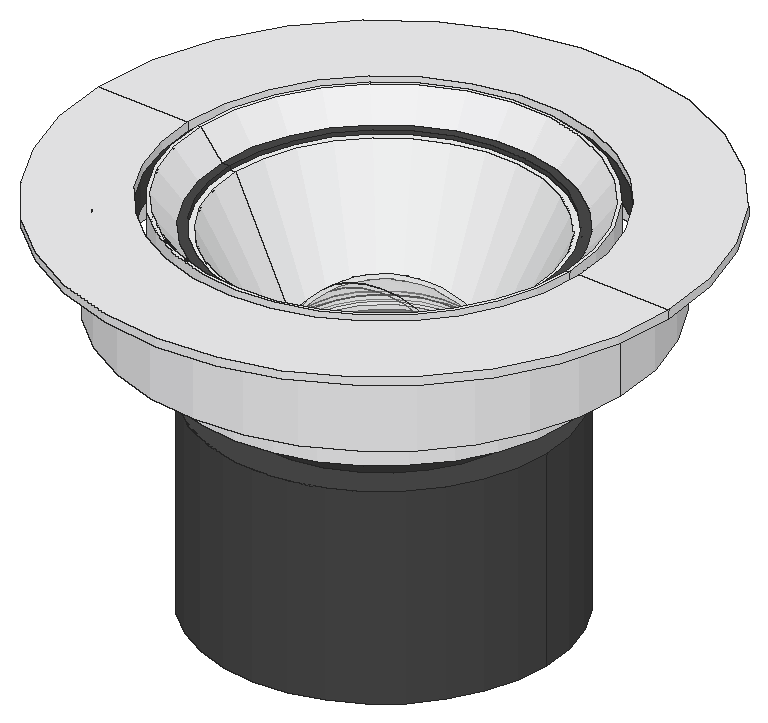
Revit family "2070074", category Lighting Fixtures, host Face, Revit 2018
Family settings
  Host = Face
  Round Connector Dimension = Use Diameter
  Part Type = Normal
  OmniClass Number = 23.80.70.11.17
  OmniClass Title = Specialized Lighting by Location or Use
  Cut with Voids When Loaded = No
  Light Source = No
  Shared = No
  Room Calculation Point = No
Parameters (values of type "2070074 EXPOSPOT 90 ADJ HO RA90 3000K WB WHITE")
  Weight = 0.77 kg  # constant formula
  Total Power Consumption = 27.9994 W
  Reflector Material = Aluminum_Sylvania_Expospot_Polished
  Radius = Diameter / 2  # 75.0 mm
  Product Code = "0060262"
  Photometric Web File = IES_Expospot_90_Adjustable : 0060293
  Photobiological Risk Group = "RG1"  # constant formula
  Nominal Frequency = "50/60Hz"  # constant formula
  Mounting Outer Radius = Head Radius + 3.0 mm  # 52.0 mm
  Max. Luminaires per 20A C Breaker = "45"  # constant formula
  Max. Luminaires per 20A B Breaker = "27"  # constant formula
  Max. Luminaires per 16A C Breaker = "35"  # constant formula
  Max. Luminaires per 16A B Breaker = "21"  # constant formula
  Max. Luminaires per 13A C Breaker = "28"  # constant formula
  Max. Luminaires per 13A B Breaker = "17"  # constant formula
  Max. Luminaires per 10A C Breaker = "21"  # constant formula
  Max. Luminaires per 10A B Breaker = "13"  # constant formula
  Light Loss Factor = 1  # constant formula
  Lamp Power Factor = 0.92
  LOR = "100%"  # constant formula
  Keynote = "n/a"
  Inrush Duration = "250µs"  # constant formula
  Inrush Current = 19.4 A  # constant formula
  Initial Intensity = 3126 lm
  Initial Color = 3000 K
  IP Rating = "IP20"  # constant formula
  IK Rating = "IK02"  # constant formula
  Height = 103.0 mm  # constant formula
  Voltage Comments = "220-240V~"  # constant formula
  Voltage = 240 V  # constant formula
  URL = "0.95"
  Product Page URL = "http://www.sylvania-lighting.com/product/en-int/products/0060262"
  Product Family = "EXPOSPOT 90 ADJUSTABLE"  # constant formula
  Head Radius = Radius - 26.0 mm  # 49.0 mm
  Head Diameter = Head Radius * 2  # 98.0 mm
  Head Angle [instance] = 0°
  Glow Wire Test = 850 °C  # constant formula
  Electrical Protection = "Class II"  # constant formula
  Drive Current = "700mA"  # constant formula
  Dimmable = "N"  # constant formula
  Diffuser Material = Acrylic_Sylvania_Expospot_3000K
  Diameter = 150.0 mm  # constant formula
  Cutout Diameter = Diameter - 10.0 mm  # 140.0 mm
  Created by URL = "http://all1studio.com/"
  Created by = "All 1 Studio Ltd. "  # constant formula
  Control Gear Type = "Electronic"  # constant formula
  Control Gear Required = "No"  # constant formula
  Control Gear Mounting = "Remote"  # constant formula
  Colour Variation Initial = "3SDCM"  # constant formula
  built-in parameter 1114216 [instance] = 1 (stored number, unit not read)
  Model = "EXPOSPOT 90 ADJUSTABLE HO RA90 3000K WB WHITE"
  Manufacturer = "Feilo Sylvania"  # constant formula
  Lamp = "LED"  # constant formula
  CRI = "80Ra"
  Body Material = Aluminum_Sylvania_Expospot_White
  Description = "Specifically designed for Retail and Display applications. I.e. Supermarkets Fashion Retail Department stores. Build around a 90mm reflector and lens combination."  # constant formula
  Default Elevation = 0.0 mm
  built-in parameter 1140040 [instance] = 1
  Beam Angle = 47°
  Average Life = "50 000h"  # constant formula
  Assembly Code = "D5020200"
  Apparent Load Comments = ""
  Apparent Load = 35 VA
  Body Secondary Material = Plastic_Sylvania_Expospot_Black
Reference planes
  plane 1 "Center (Front/Back)": y = 0
  plane 2: z = 0
  plane 3 "Center (Left/Right)": x = -7.423
  plane 4: z = 2
  plane 5: z = -22.5
  plane 6: x = -82.423
  plane 7: z = -5
Forms (mm)
  Revolve 1, solid, material "Aluminum_Sylvania_Expospot_White" <- "Body Material", detail levels fine
    sketch origin (0, 0, 0) x (1, 0, 0) y (0, 0, 1)
      loop
        line (-82.423, 2) -> (-82.423, 0) -> (-69.923, 0) -> (-69.923, -22.5) -> (-67.923, -22.5) -> (-67.923, 0) -> (-58.923, 0) -> (-58.923, 2) -> (-82.423, 2)
      axis (-7.423, 2) -> (-7.423, -22.5)
    angle from 0 to 360
  Revolve 2, solid, material "Plastic_Sylvania_Expospot_Black" <- "Body Secondary Material", detail levels fine
    sketch origin (0, 0, 0) x (1, 0, 0) y (0, 0, 1)
      loop
        line (-67.923, 0) -> (-67.923, -1.5) -> (-60.923, -1.5) -> (-60.923, -8.5) -> (-59.423, -8.5) -> (-59.423, 0) -> (-67.923, 0)
      axis (-7.423, 0) -> (-7.423, -8.5)
    angle from 0 to 360
  Extrusion 3, void
    sketch origin (0, 0, 0) x (1, 0, 0) y (0, 1, 0)
      loop
        circle (-7.423, 0) r 70
    from -116.997 to 69.443
  Extrusion 4, solid, material "Aluminum_Sylvania_Expospot_White" <- "Body Material", detail levels fine
    sketch origin (-7.423, 0, 0) x (0, 1, 0) y (0, 0, 1)
      loop
        circle (0, -5) r 3.5
    from 49 <- "Head Radius" to 52 <- "Mounting Outer Radius"
  Extrusion 5, solid, material "Aluminum_Sylvania_Expospot_White" <- "Body Material", detail levels fine
    sketch origin (-7.423, 0, 0) x (0, 1, 0) y (0, 0, -1)
      loop
        circle (0, 5) r 3.5
    from 49 <- "Head Radius" to 52 <- "Mounting Outer Radius"
  Revolve 6, solid, material "Aluminum_Sylvania_Expospot_White" <- "Body Material", detail levels coarse+medium
    sketch origin (0, 0, 0) x (1, 0, 0) y (0, 0, 1)
      loop
        line (-82.423, 2) -> (-82.423, 0) -> (-69.923, 0) -> (-69.923, -22.5) -> (-67.923, -22.5) -> (-67.923, -8.5) -> (-58.923, -8.5) -> (-58.923, 2) -> (-82.423, 2)
      axis (-7.423, 2) -> (-7.423, -22.5)
    angle from 0 to 360
Lines and regions (mm)
  Masking region 1
    outline origin (0, 0, 0) x (1, 0, 0) y (0, 1, 0)
      loop
        circle (-7.423, 0) r 75
  reference lines
    curve 1: line (-7.423, 0, -5) -> (-7.423, 0, -60)
  symbolic lines, detail levels fine
    curve 2: arc (-58.923, 0, 0) -> (-7.423, 51.5, 0) -> (44.077, 0, 0) r 51.5
    curve 3: arc (44.077, 0, 0) -> (-7.423, -51.5, 0) -> (-58.923, 0, 0) r 51.5
Dimensions and locks
  plane 4 to plane 2 to plane 7 to plane 5 = 2.0 mm locked, 5.0 mm locked, 17.5 mm locked
  "Radius": plane 6 to plane 3 "Center (Left/Right)"
  "Cutout Diameter": diameter of Extrusion 3 sketch curve
  "Head Angle": angle plane 1 "Center (Front/Back)" to curve 1
  aligned and locked: host face to plane 2
  aligned and locked: host face to level
  aligned and locked: plane 6 to Revolve 1 sketch curve
  aligned and locked: Revolve 1 sketch curve to plane 3 "Center (Left/Right)"
  aligned and locked: plane 1 "Center (Front/Back)" to curve 1
  aligned and locked: plane 7 to curve 1
  aligned and locked: plane 6 to Revolve 6 sketch curve
Automatic sketch dimensions
  host sketch curve to host sketch curve = 1412.252 mm
  host sketch curve to host sketch curve = 1359.6 mm
  Revolve 1 sketch curve to level = 0.0 mm  (x2)
  Revolve 1 sketch curve to plane 5 = 0.0 mm
  Revolve 1 sketch curve to plane 4 = 0.0 mm
  Revolve 1 sketch curve to Revolve 1 sketch curve = 12.5 mm
  Revolve 1 sketch curve to Revolve 1 sketch curve = 2.0 mm
  Revolve 1 sketch curve to Revolve 1 sketch curve = 9.0 mm
  Revolve 1 sketch curve to plane 5 = 349.774 mm
  plane 4 to Revolve 1 sketch curve = 1145.706 mm
  Revolve 2 sketch curve to level = 0.0 mm
  Revolve 2 sketch curve to plane 3 "Center (Left/Right)" = 0.0 mm
  Revolve 2 sketch curve to plane 6 = 23.0 mm
  Revolve 2 sketch curve to Revolve 2 sketch curve = 1.5 mm
  Revolve 2 sketch curve to level = 1.5 mm
  Revolve 2 sketch curve to Revolve 2 sketch curve = 7.0 mm
  Revolve 2 sketch curve to plane 7 = 3.5 mm
  Revolve 2 sketch curve to plane 5 = 349.774 mm
  plane 4 to Revolve 2 sketch curve = 1145.706 mm
  plane 1 "Center (Front/Back)" to Extrusion 3 sketch curve = 0.0 mm
  Extrusion 3 sketch curve to plane 3 "Center (Left/Right)" = 0.0 mm
  Extrusion 4 sketch curve to plane 1 "Center (Front/Back)" = 0.0 mm
  Extrusion 4 sketch curve to plane 7 = 0.0 mm
  Extrusion 5 sketch curve to plane 1 "Center (Front/Back)" = 0.0 mm
  Extrusion 5 sketch curve to plane 7 = 0.0 mm
  Revolve 6 sketch curve to level = 0.0 mm
  Revolve 6 sketch curve to plane 5 = 0.0 mm
  Revolve 6 sketch curve to plane 4 = 0.0 mm
  Revolve 6 sketch curve to plane 3 "Center (Left/Right)" = 0.0 mm
  Revolve 6 sketch curve to plane 6 = 12.5 mm
  Revolve 6 sketch curve to plane 7 = 3.5 mm
  Revolve 6 sketch curve to Revolve 6 sketch curve = 9.0 mm
  Revolve 6 sketch curve to plane 5 = 349.774 mm
  plane 4 to Revolve 6 sketch curve = 1145.706 mm
  Revolve 6 sketch curve to Revolve 6 sketch curve = 2.0 mm
  Masking region 1 sketch curve to Masking region 1 sketch curve = 0.0 mm  (x2)
  plane 1 "Center (Front/Back)" to Masking region 1 sketch curve = 0.0 mm
  Masking region 1 sketch curve to plane 6 = 0.0 mm
  Masking region 1 sketch curve to plane 3 "Center (Left/Right)" = 0.0 mm
  curve 2 to curve 3 = 0.0 mm  (x2)
  plane 1 "Center (Front/Back)" to curve 2 = 0.0 mm
  curve 3 to plane 3 "Center (Left/Right)" = 0.0 mm
  curve 3 to plane 6 = 23.5 mm
  radius of Extrusion 4 sketch curve = 3.5 mm
  radius of Extrusion 5 sketch curve = 3.5 mm
Nested families
  nested 1: "Head_Expospot 90" at (-7.423, 0, 2), type "Head_Expospot 90"
  nested 2: "IES_Expospot_90_Adjustable" at (-7.423, 0, 2), type <- "Photometric Web File", type "0060293"
Connectors
  electrical at (-7.423, 0, -101), driven by "Voltage", driven by "Apparent Load", driven by "Lamp Power Factor"
    settings: on nested 1, index 1, voltage 240 V, apparent load 0 VA, apparent load phase1 35 VA, apparent load phase2 0 VA, apparent load phase3 0 VA, power factor 0.92, load classification "Lighting", number of poles 1, system type 31, power factor state 1, is connector primary yes, connector utility no, sub classification motor no, connector description ""
Definition of nested family "Head_Expospot 90"
  Parameters (values of type "Head_Expospot 90")
    Reflector Material = none
    Radius = 49.0 mm
    Height = 103.0 mm
    Diffuser Material = none
    Default Elevation = 0.0 mm
    Cooling Radius = Radius - 6.0 mm  # 43.0 mm
    Body Secondary Material = none
    Body Material = none
  Reference planes
    plane 1 "Center (Front/Back)": y = 0
    plane 2: z = 0
    plane 3 "Center (Left/Right)": x = 0
    plane 4: z = -35.5
    plane 5: z = -6.5
    plane 6 "Fixture Radius": x = -49
    plane 7: z = -45
    plane 8: z = -95
    plane 9: z = -103
    plane 10 "Diffuser Radius": x = -24.5
    plane 11: z = -36.5
  Forms (mm)
    Revolve 1, solid, material <- "Body Material", detail levels fine
      sketch origin (0, 0, 0) x (1, 0, 0) y (0, 0, 1)
        loop
          line (-49, 0) -> (-49, -35.5) -> (-47, -35.5) -> (-47, -4.542) -> (-45.357, -6.5) -> (-42.746, -6.5) -> (-48.2, 0) -> (-49, 0)
        axis (0, 0) -> (0, -35.5)
      angle from 0 to 360
    Revolve 2, solid, material <- "Reflector Material", detail levels fine
      sketch origin (0, 0, 0) x (1, 0, 0) y (0, 0, 1)
        loop
          line (-41, -7.5) -> (-41, -8.5) -> (-39.623, -8.5) -> (-25.123, -37.5) -> (-20.5, -37.5) -> (-20.5, -36.5) -> (-24.5, -36.5) -> (-39, -7.5) -> (-41, -7.5)
        axis (0, -7.5) -> (0, -37.5)
      angle from 0 to 360
    Revolve 3, solid, material <- "Body Secondary Material", detail levels fine
      sketch origin (0, 0, 0) x (1, 0, 0) y (0, 0, 1)
        loop
          line (-47, -6.5) -> (-47, -35.5) -> (-42.5, -35.5) -> (-35.078, -45) -> (0, -45) -> (0, -37.5) -> (-24.5, -37.5) -> (-24.5, -44) -> (-34.59, -44) -> (-42.012, -34.5) -> (-46, -34.5) -> (-46, -7.5) -> (-40.5, -7.5) -> (-40.5, -6.5) -> (-47, -6.5)
        axis (0, -6.5) -> (0, -45)
      angle from 0 to 360
    Revolve 4, solid, material <- "Body Secondary Material", detail levels fine
      sketch origin (0, 0, 0) x (1, 0, 0) y (0, 0, 1)
        loop
          line (-30, -95) -> (-30, -97) -> (-28, -103) -> (0, -103) -> (0, -95) -> (-30, -95)
        axis (0, -95) -> (0, -103)
      angle from 0 to 360
    Extrusion 5, solid, material <- "Body Secondary Material", detail levels fine
      sketch origin (0, 0, 0) x (1, 0, 0) y (0, 1, 0)
        loop
          circle (0, 0) r 43
      from -95 to -45
    Extrusion 6, solid, material <- "Body Material", detail levels coarse+medium
      sketch origin (0, 0, 0) x (1, 0, 0) y (0, 1, 0)
        loop
          circle (0, 0) r 49
      from -103 to 0
    Revolve 7, solid, material <- "Diffuser Material", detail levels fine
      sketch origin (0, 0, 0) x (1, 0, 0) y (0, 0, 1)
        loop
          line (-22.5, -34.5) -> (-22.5, -36.5) -> (-21.5, -36.5) -> (-21.5, -34.77)
          arc (-21.5, -34.77) -> (-12.378, -25.783) -> (0, -22.5) r 24.971
          line (0, -22.5) -> (0, -21.5)
          arc (0, -21.5) -> (-12.993, -24.984) -> (-22.5, -34.5) r 25.971
        axis (0, -21.5) -> (0, -36.5)
      angle from 0 to 360
  Dimensions and locks
    "Radius": plane 3 "Center (Left/Right)" to plane 6 "Fixture Radius"
    locked: Revolve 4 sketch curve to plane 6 "Fixture Radius" at 19
    locked: plane 10 "Diffuser Radius" to plane 6 "Fixture Radius" at 24.5
    Revolve 7 sketch curve to Revolve 7 sketch curve to plane 11 = 1.0 mm locked, 14.0 mm locked
    plane 10 "Diffuser Radius" to Revolve 7 sketch curve to Revolve 7 sketch curve = 2.0 mm locked, 1.0 mm locked
    "Height": plane 2 to plane 9
    locked: plane 8 to plane 9 at 8
    plane 2 to plane 5 to plane 4 to plane 11 to plane 7 = 6.5 mm locked, 29.0 mm locked, 1.0 mm locked, 8.5 mm locked
    "Radius": radius of Extrusion 6 sketch curve
    "Cooling Radius": radius of Extrusion 5 sketch curve
    aligned and locked: level to plane 2
    aligned and locked: Revolve 1 sketch curve to plane 6 "Fixture Radius"
    aligned and locked: Extrusion 5 to plane 8
    aligned and locked: plane 7 to Extrusion 5
    aligned and locked: Extrusion 6 to plane 9
    aligned and locked: plane 2 to Extrusion 6
    aligned and locked: Revolve 1 sketch curve to plane 4
  Automatic sketch dimensions
    Revolve 4 sketch curve to plane 8 = 0.0 mm
    Revolve 4 sketch curve to plane 9 = 0.0 mm
    Revolve 4 sketch curve to plane 3 "Center (Left/Right)" = 0.0 mm  (x2)
    Revolve 4 sketch curve to plane 8 = 2.0 mm
    Revolve 4 sketch curve to Revolve 4 sketch curve = 2.0 mm
    Revolve 4 sketch curve to plane 9 = 265.545 mm
    level to Revolve 4 sketch curve = 2214.315 mm
    Revolve 1 sketch curve to level = 0.0 mm
    Revolve 1 sketch curve to plane 3 "Center (Left/Right)" = 0.0 mm
    Revolve 1 sketch curve to Revolve 1 sketch curve = 0.8 mm
    Revolve 1 sketch curve to Revolve 1 sketch curve = 2.0 mm
    plane 5 to Revolve 1 sketch curve = 1.958 mm
    Revolve 1 sketch curve to plane 5 = 0.0 mm
    Revolve 1 sketch curve to Revolve 1 sketch curve = 1.643 mm
    Revolve 1 sketch curve to Revolve 1 sketch curve = 2.611 mm
    Revolve 1 sketch curve to plane 9 = 288.545 mm
    level to Revolve 1 sketch curve = 2214.315 mm
    plane 10 "Diffuser Radius" to Revolve 2 sketch curve = 0.0 mm
    Revolve 2 sketch curve to plane 3 "Center (Left/Right)" = 0.0 mm
    Revolve 2 sketch curve to plane 11 = 0.0 mm
    Revolve 2 sketch curve to plane 5 = 1.0 mm
    plane 6 "Fixture Radius" to Revolve 2 sketch curve = 10.0 mm
    Revolve 2 sketch curve to Revolve 2 sketch curve = 2.0 mm
    Revolve 2 sketch curve to plane 10 "Diffuser Radius" = 4.0 mm
    Revolve 2 sketch curve to Revolve 2 sketch curve = 383.045 mm
    Revolve 2 sketch curve to Revolve 2 sketch curve = 2221.815 mm
    plane 10 "Diffuser Radius" to Revolve 2 sketch curve = 0.623 mm
    Revolve 2 sketch curve to Revolve 2 sketch curve = 0.623 mm
    Revolve 2 sketch curve to Revolve 2 sketch curve = 1.0 mm
    Revolve 2 sketch curve to plane 11 = 1.0 mm
    Revolve 3 sketch curve to plane 5 = 0.0 mm
    Revolve 3 sketch curve to plane 4 = 0.0 mm
    Revolve 3 sketch curve to plane 7 = 0.0 mm
    plane 10 "Diffuser Radius" to Revolve 3 sketch curve = 0.0 mm
    Revolve 3 sketch curve to plane 3 "Center (Left/Right)" = 0.0 mm  (x2)
    plane 7 to Revolve 3 sketch curve = 1.0 mm
    plane 10 "Diffuser Radius" to Revolve 3 sketch curve = 10.09 mm
    Revolve 3 sketch curve to Revolve 3 sketch curve = 0.488 mm  (x2)
    Revolve 3 sketch curve to plane 5 = 1.0 mm
    plane 6 "Fixture Radius" to Revolve 3 sketch curve = 8.5 mm
    plane 4 to Revolve 3 sketch curve = 1.0 mm
    plane 6 "Fixture Radius" to Revolve 3 sketch curve = 6.988 mm
    plane 6 "Fixture Radius" to Revolve 3 sketch curve = 3.0 mm
    Revolve 3 sketch curve to Revolve 3 sketch curve = 1.0 mm
    Revolve 3 sketch curve to plane 9 = 265.545 mm
    level to Revolve 3 sketch curve = 2214.315 mm
    Revolve 3 sketch curve to plane 11 = 1.0 mm
    Revolve 7 sketch curve to Revolve 7 sketch curve = 0.0 mm
    Revolve 7 sketch curve to plane 11 = 0.0 mm
    Revolve 7 sketch curve to plane 3 "Center (Left/Right)" = 0.0 mm  (x2)
    plane 4 to Revolve 7 sketch curve = 0.73 mm
    Revolve 7 sketch curve to plane 9 = 278.0 mm
    level to Revolve 7 sketch curve = 156.383 mm
    plane 1 "Center (Front/Back)" to Extrusion 5 sketch curve = 0.0 mm
    Extrusion 5 sketch curve to plane 3 "Center (Left/Right)" = 0.0 mm
    plane 1 "Center (Front/Back)" to Extrusion 6 sketch curve = 0.0 mm
    Extrusion 6 sketch curve to plane 3 "Center (Left/Right)" = 0.0 mm
Definition of nested family "IES_Expospot_90_Adjustable"
  Parameters (values of type "0060286")
    Wattage = 34.9993 W
    built-in parameter 1150110 = 1 (stored number, unit not read)
    Total Power Consumption = 34.9993 W
    built-in parameter 1114217 = 1 (stored number, unit not read)
    Tilt Angle = -90°
    built-in parameter 1150109 = 1 (stored number, unit not read)
    built-in parameter 1150134 = (empty or 0)
    built-in parameter 1150113 = 1 (stored number, unit not read)
    Photometric Web File = "0060286.ies"
    built-in parameter 1150105 = 296.11 (stored number, unit not read)
    Lumens = 3721 lm
    built-in parameter 1150115 = 1 (stored number, unit not read)
    built-in parameter 1150137 = (empty or 0)
    built-in parameter 1150139 = (empty or 0)
    built-in parameter 1150112 = 1 (stored number, unit not read)
    built-in parameter 1150114 = 1 (stored number, unit not read)
    built-in parameter 1150132 = 2
    built-in parameter 1150102 = 3721
    built-in parameter 1150107 = 3000 (stored number, unit not read)
    built-in parameter 1150138 = 3000
    built-in parameter 1150106 = 2.9611 (stored number, unit not read)
    Emit from Circle Diameter = 98.0 mm
    Emit Shape Visible in Rendering = no
    built-in parameter 1150104 = 9.8771 (stored number, unit not read)
    Dimming Lamp Color Temperature Shift = (empty or 0)
    Default Elevation = 0.0 mm
    Color Filter = 16777215
    built-in parameter 1114218 = 1 (stored number, unit not read)
    built-in parameter 1150133 = 10 (stored number, unit not read)
    Apparent Load = 34.9993 VA
  Types (24, lengths in mm): name | Wattage | Total Power Consumption | built-in parameter 1150134 | Photometric Web File | built-in parameter 1150105 | Lumens | built-in parameter 1150102 | built-in parameter 1150107 | built-in parameter 1150138 | built-in parameter 1150106 | built-in parameter 1150104 | Apparent Load
    0060296 | 34.9993 W | 34.9993 W | 12 | "0060296.ies" | 276.85 (stored number, unit not read) | 3479 lm | 3479 | 4000 (stored number, unit not read) | 4000 | 2.7685 (stored number, unit not read) | 9.2348 (stored number, unit not read) | 34.9993 VA
    0060295 | 34.9993 W | 34.9993 W | 12 | "0060295.ies" | 275.18 (stored number, unit not read) | 3458 lm | 3458 | 4000 (stored number, unit not read) | 4000 | 2.7518 (stored number, unit not read) | 9.179 (stored number, unit not read) | 34.9993 VA
    0060294 | 34.9993 W | 34.9993 W | 12 | "0060294.ies" | 284.09 (stored number, unit not read) | 3570 lm | 3570 | 4000 (stored number, unit not read) | 4000 | 2.8409 (stored number, unit not read) | 9.4763 (stored number, unit not read) | 34.9993 VA
    0060293 | 34.9993 W | 34.9993 W | (empty or 0) | "0060293.ies" | 262.05 (stored number, unit not read) | 3293 lm | 3293 | 3000 (stored number, unit not read) | 3000 | 2.6205 (stored number, unit not read) | 8.741 (stored number, unit not read) | 34.9993 VA
    0060292 | 34.9993 W | 34.9993 W | (empty or 0) | "0060292.ies" | 253.06 (stored number, unit not read) | 3180 lm | 3180 | 3000 (stored number, unit not read) | 3000 | 2.5306 (stored number, unit not read) | 8.4411 (stored number, unit not read) | 34.9993 VA
    0060291 | 34.9993 W | 34.9993 W | (empty or 0) | "0060291.ies" | 268.1 (stored number, unit not read) | 3369 lm | 3369 | 3000 (stored number, unit not read) | 3000 | 2.681 (stored number, unit not read) | 8.9428 (stored number, unit not read) | 34.9993 VA
    0060290 | 34.9993 W | 34.9993 W | 12 | "0060290.ies" | 313.69 (stored number, unit not read) | 3942 lm | 3942 | 4000 (stored number, unit not read) | 4000 | 3.1369 (stored number, unit not read) | 10.464 (stored number, unit not read) | 34.9993 VA
    0060289 | 34.9993 W | 34.9993 W | 12 | "0060289.ies" | 306.53 (stored number, unit not read) | 3852 lm | 3852 | 4000 (stored number, unit not read) | 4000 | 3.0653 (stored number, unit not read) | 10.225 (stored number, unit not read) | 34.9993 VA
    0060288 | 34.9993 W | 34.9993 W | 12 | "0060288.ies" | 327.94 (stored number, unit not read) | 4121 lm | 4121 | 4000 (stored number, unit not read) | 4000 | 3.2794 (stored number, unit not read) | 10.939 (stored number, unit not read) | 34.9993 VA
    0060287 | 34.9993 W | 34.9993 W | (empty or 0) | "0060287.ies" | 297.3 (stored number, unit not read) | 3736 lm | 3736 | 3000 (stored number, unit not read) | 3000 | 2.973 (stored number, unit not read) | 9.9169 (stored number, unit not read) | 34.9993 VA
    0060286 | 34.9993 W | 34.9993 W | (empty or 0) | "0060286.ies" | 296.11 (stored number, unit not read) | 3721 lm | 3721 | 3000 (stored number, unit not read) | 3000 | 2.9611 (stored number, unit not read) | 9.8771 (stored number, unit not read) | 34.9993 VA
    0060272 | 27.9994 W | 27.9994 W | 12 | "0060272.ies" | 227.19 (stored number, unit not read) | 2855 lm | 2855 | 4000 (stored number, unit not read) | 4000 | 2.2719 (stored number, unit not read) | 9.473 (stored number, unit not read) | 27.9994 VA
    0060271 | 27.9994 W | 27.9994 W | 12 | "0060271.ies" | 225.68 (stored number, unit not read) | 2836 lm | 2836 | 4000 (stored number, unit not read) | 4000 | 2.2568 (stored number, unit not read) | 9.4099 (stored number, unit not read) | 27.9994 VA
    0060270 | 27.9994 W | 27.9994 W | 12 | "0060270.ies" | 221.94 (stored number, unit not read) | 2789 lm | 2789 | 4000 (stored number, unit not read) | 4000 | 2.2194 (stored number, unit not read) | 9.254 (stored number, unit not read) | 27.9994 VA
    0060269 | 27.9994 W | 27.9994 W | (empty or 0) | "0060269.ies" | 206.03 (stored number, unit not read) | 2589 lm | 2589 | 3000 (stored number, unit not read) | 3000 | 2.0603 (stored number, unit not read) | 8.5904 (stored number, unit not read) | 27.9994 VA
    0060268 | 27.9994 W | 27.9994 W | (empty or 0) | "0060268.ies" | 204.75 (stored number, unit not read) | 2573 lm | 2573 | 3000 (stored number, unit not read) | 3000 | 2.0475 (stored number, unit not read) | 8.5373 (stored number, unit not read) | 27.9994 VA
    0060267 | 27.9994 W | 27.9994 W | (empty or 0) | "0060267.ies" | 201.81 (stored number, unit not read) | 2536 lm | 2536 | 3000 (stored number, unit not read) | 3000 | 2.0181 (stored number, unit not read) | 8.4145 (stored number, unit not read) | 27.9994 VA
    0060266 | 27.9994 W | 27.9994 W | 12 | "0060266.ies" | 256.96 (stored number, unit not read) | 3229 lm | 3229 | 4000 (stored number, unit not read) | 4000 | 2.5696 (stored number, unit not read) | 10.714 (stored number, unit not read) | 27.9994 VA
    0060265 | 27.9994 W | 27.9994 W | 12 | "0060265.ies" | 257.19 (stored number, unit not read) | 3232 lm | 3232 | 4000 (stored number, unit not read) | 4000 | 2.5719 (stored number, unit not read) | 10.724 (stored number, unit not read) | 27.9994 VA
    0060264 | 27.9994 W | 27.9994 W | 12 | "0060264.ies" | 250.27 (stored number, unit not read) | 3145 lm | 3145 | 4000 (stored number, unit not read) | 4000 | 2.5027 (stored number, unit not read) | 10.435 (stored number, unit not read) | 27.9994 VA
    0060263 | 27.9994 W | 27.9994 W | (empty or 0) | "0060263.ies" | 252.58 (stored number, unit not read) | 3174 lm | 3174 | 3000 (stored number, unit not read) | 3000 | 2.5258 (stored number, unit not read) | 10.531 (stored number, unit not read) | 27.9994 VA
    0060262 | 27.9994 W | 27.9994 W | (empty or 0) | "0060262.ies" | 248.76 (stored number, unit not read) | 3126 lm | 3126 | 3000 (stored number, unit not read) | 3000 | 2.4876 (stored number, unit not read) | 10.372 (stored number, unit not read) | 27.9994 VA
    0060261 | 27.9993 W | 28 W | (empty or 0) | "0060261.ies" | 3140.4 (stored number, unit not read) | 3174 lm | 3479 | 3000 (stored number, unit not read) | 4000 | 31.404 (stored number, unit not read) | 10.531 (stored number, unit not read) | 28 VA
    0060285 | 35.0009 W | 34.9993 W | (empty or 0) | "0060285.ies" | 4452.3 (stored number, unit not read) | 3946 lm | 3721 | 3000 (stored number, unit not read) | 3000 | 44.523 (stored number, unit not read) | 10.474 (stored number, unit not read) | 34.9993 VA
  Reference planes
    plane 1 "Center (Front/Back)": y = 0
    plane 2: z = 0
    plane 3 "Center (Left/Right)": x = 0
  Dimensions and locks
    aligned and locked: level to plane 2
    aligned and locked: plane 3 "Center (Left/Right)" to imposter light
    aligned and locked: plane 1 "Center (Front/Back)" to imposter light
    aligned and locked: level to imposter light
